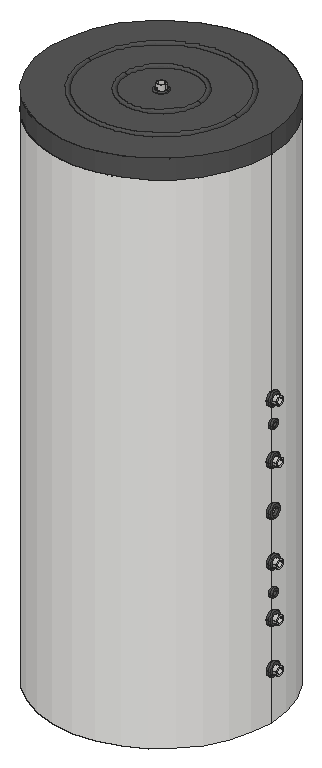
Revit family "S-tank_Solar_DUO_SS", category Оборудование, Revit 2019
Family settings
  Размер круглого соединителя = Использовать диаметр
  Классификация = Нет
  Тип детали = Нормальный
  На основе рабочей плоскости = Нет
  Всегда вертикально = Да
  При загрузке вырезать с полостями = Нет
  Общий = Нет
  Точка расчета площади = Нет
Parameters (values of type "SS Solarduo 1000")
  Разработка семейств = "https://rubim.tech/"
  Диаметрcизоляцией = 920 mm
  shrf = 17.5 mm
  rd [instance] = Диаметрcизоляцией / 2  # 460 mm
  a = Диаметрcизоляцией / 6  # 153.333 mm
  L = 1215 mm
  K = 1120 mm
  J = 1920 mm
  I = 985 mm
  H = 2205 mm
  E = 795 mm
  DN2 = 15 mm
  DN1 = 25 mm
  D = 605 mm
  C = 490 mm
  B = 395 mm
  ADSK_Примечание [instance] = ""
  ADSK_Позиция [instance] = ""
  ADSK_Обозначение = "SSSolarduo 1000"
  ADSK_Наименование краткое [instance] = "БКН"
  ADSK_Наименование = "Бойлер косвенного нагрева"
  ADSK_Масса_Текст [instance] = ""
  ADSK_Масса = 153
  ADSK_Марка = "SS Solar duo 1000"
  ADSK_Количество [instance] = 1  # constant formula
  ADSK_Код изделия = "2.1006"
  ADSK_Завод-изготовитель = "ООО “С-ТЭНК ВОТЕР ХИТЕРС”"
  ADSK_Единица измерения = "шт."  # constant formula
  ADSK_Группирование = "Оборудование"
  ADSK_URL документации изделия = "http://s-tank.ru/solar-duo-ss/"
  A = 205 mm
Types (9, lengths in mm): name | Диаметрcизоляцией | rd | a | L | K | J | I | H | E | D | C | B | ADSK_Обозначение | ADSK_Масса | ADSK_Марка | ADSK_Код изделия | A
  SS Solarduo 200 | 630 | 315 | 105 | 970 | 895 | 1030 | 740 | 1220 | 630 | 520 | 395 | 320 | "SSSolarduo 200" | 64 | "SS Solar duo 200" | "2.1002" | 210
  SS Solarduo 300 | 630 | 315 | 105 | 1170 | 1090 | 1030 | 860 | 1220 | 740 | 620 | 410 | 330 | "SSSolarduo 300" | 73 | "SS Solar duo 300" | "2.1003" | 210
  SS Solarduo 500 | 780 | 390 | 130 | 1075 | 995 | 1365 | 845 | 1605 | 715 | 585 | 415 | 335 | "SSSolarduo 500" | 97 | "SS Solar duo 500" | "2.1004" | 205
  SS Solarduo 750 | 920 | 460 | 153.333 | 1005 | 925 | 1585 | 775 | 1630 | 645 | 515 | 405 | 325 | "SSSolarduo 750" | 119 | "SS Solar duo 750" | "2.1005" | 195
  SS Solarduo 1000 | 920 | 460 | 153.333 | 1215 | 1120 | 1920 | 985 | 2205 | 795 | 605 | 490 | 395 | "SSSolarduo 1000" | 153 | "SS Solar duo 1000" | "2.1006" | 205
  SS Solarduo 1200 | 950 | 475 | 158.333 | 1235 | 1160 | 1655 | 965 | 2020 | 805 | 645 | 520 | 445 | "SSSolarduo 1200" | 195 | "SS Solar duo 1200" | "2.1007" | 285
  SS Solarduo 1500 | 950 | 475 | 158.333 | 1595 | 1500 | 2005 | 1125 | 2370 | 935 | 745 | 560 | 465 | "SSSolarduo 1500" | 225 | "SS Solar duo 1500" | "2.1008" | 275
  SS Solarduo 2000 | 1350 | 675 | 225 | 1580 | 1505 | 1740 | 1210 | 2100 | 1050 | 890 | 605 | 530 | "SSSolarduo 2000" | 270 | "SS Solar duo 2000" | "2.1009" | 370
  SS Solarduo 3000 | 1740 | 870 | 290 | 1623 | 1548 | 1773 | 1223 | 2210 | 1063 | 903 | 638 | 563 | "SSSolarduo 3000" | 0 | "SS Solar duo 3000" | "2.1010" | 403
Reference planes
  plane 1 "По центру (Вперед/Назад)": y = 0
  plane 2: z = 0
  plane 3 "По центру (Влево/Вправо)": x = 0
  plane 4: z = 205
  plane 5: z = 395
  plane 6: z = 490
  plane 7: z = 605
  plane 8: z = 2205
  plane 9: x = 460
  plane 10: x = -460
  plane 11: x = 153.333
  plane 12: x = 306.667
  plane 13: y = -460
  plane 14: y = 460
  plane 15: z = 795
  plane 16: z = 985
  plane 17: z = 1120
  plane 18: z = 1215
  plane 19: z = 1920
Forms (mm)
  Extrusion 1, solid, material "RB_Серая порошковая"
    sketch origin (0, 0, 0) x (1, 0, 0) y (0, 1, 0)
      loop
        circle (0, 0) r 460
    from 0 to 2125
  Extrusion 2, solid, material "RB_Черный пластик"
    sketch origin (0, 0, 0) x (1, 0, 0) y (0, 1, 0)
      loop
        circle (0, 0) r 460
    from 2125 to 2205
  Revolve 3, solid, material "RB_Черный пластик"
    sketch origin (0, 0, 0) x (1, 0, 0) y (0, 0, 1)
      loop
        line (145.833, 2205) -> (160.833, 2205)
        arc (160.833, 2205) -> (153.333, 2212.5) -> (145.833, 2205) r 7.5
      loop
        line (299.167, 2205) -> (314.167, 2205)
        arc (314.167, 2205) -> (306.667, 2212.5) -> (299.167, 2205) r 7.5
      axis (0, 2205) -> (0, 2206)
    angle from 0 to 360
  Extrusion 4, solid, material "Пластик синий", not visible
    sketch origin (-10, 0, 0) x (1, 0, 0) y (0, 0, 1)
      loop
        arc (-214.477, 2447.343) -> (-231.977, 2440.094) -> (-239.226, 2422.594) r 24.749
        line (-239.226, 2422.594) -> (-239.226, 2312.833)
        arc (-239.226, 2312.833) -> (-231.977, 2295.333) -> (-214.477, 2288.085) r 24.749
        line (-214.477, 2288.085) -> (236.536, 2288.085)
        arc (236.536, 2288.085) -> (254.036, 2295.333) -> (261.285, 2312.833) r 24.749
        line (261.285, 2312.833) -> (261.285, 2420.032)
        arc (261.285, 2420.032) -> (253.285, 2439.344) -> (233.974, 2447.343) r 27.311
        line (233.974, 2447.343) -> (-214.477, 2447.343)
      loop
        arc (-214.477, 2439.053) -> (-226.115, 2434.232) -> (-230.936, 2422.594) r 16.459
        line (-230.936, 2422.594) -> (-230.936, 2331.316) -> (252.994, 2331.316) -> (252.994, 2420.032)
        arc (252.994, 2420.032) -> (247.423, 2433.482) -> (233.974, 2439.053) r 19.021
        line (233.974, 2439.053) -> (-214.477, 2439.053)
      loop
        line (-115.968, 2397.309) -> (-115.968, 2379.809) -> (-65.968, 2379.809) -> (-65.968, 2397.309) -> (-115.968, 2397.309)
      loop
        line (-35.422, 2407.249) -> (-35.422, 2351.314) -> (-17.922, 2351.314) -> (-17.922, 2407.249) -> (3.349, 2407.249) -> (10.977, 2424.749) -> (-55.778, 2424.749) -> (-55.778, 2407.249) -> (-35.422, 2407.249)
      loop
        line (-4.413, 2351.314) -> (16.363, 2351.314) -> (21.205, 2358.883) -> (45.502, 2358.883) -> (45.502, 2351.314) -> (63.002, 2351.314) -> (63.002, 2377.816) -> (33.319, 2377.816) -> (45.396, 2396.692) -> (45.396, 2384.046) -> (62.896, 2384.046) -> (62.896, 2407.227)
        arc (62.896, 2407.227) -> (56.009, 2420.523) -> (41.176, 2422.567) r 16.277
        line (41.176, 2422.567) -> (-4.413, 2351.314)
      loop
        line (86.328, 2400.911) -> (116.793, 2357.872)
        arc (116.793, 2357.872) -> (128.592, 2352.604) -> (138.978, 2360.291) r 12.812
        line (138.978, 2360.291) -> (138.978, 2425.291) -> (121.478, 2425.291) -> (121.478, 2377.488) -> (92.799, 2417.763)
        arc (92.799, 2417.763) -> (79.669, 2423.404) -> (68.828, 2414.092) r 13.5
        line (68.828, 2414.092) -> (68.828, 2351.314) -> (86.328, 2351.314) -> (86.328, 2400.911)
      loop
        line (148.978, 2425.291) -> (148.978, 2351.314) -> (166.478, 2351.314) -> (166.478, 2387.9) -> (192.095, 2351.314) -> (210.407, 2351.314) -> (181.682, 2392.337) -> (202.618, 2425.291) -> (184.847, 2425.291) -> (166.478, 2396.377) -> (166.478, 2425.291) -> (148.978, 2425.291)
    from 759.938 to 875
  Extrusion 5, solid, material "Пластик красный", not visible
    sketch origin (-10, 0, 0) x (1, 0, 0) y (0, 0, 1)
      loop
        line (-183.191, 2407.249) -> (-125.538, 2407.249)
        arc (-125.538, 2407.249) -> (-123.959, 2408.615) -> (-124.451, 2410.643) r 2.004
        line (-124.451, 2410.643) -> (-138.593, 2424.749) -> (-178.435, 2424.749)
        arc (-178.435, 2424.749) -> (-183.852, 2416.825) -> (-183.191, 2407.249) r 14.627
      loop
        line (-178.104, 2401.129) -> (-146.323, 2368.814) -> (-182.715, 2368.814)
        arc (-182.715, 2368.814) -> (-184.77, 2366.956) -> (-184.098, 2364.267) r 2.693
        line (-184.098, 2364.267) -> (-171.109, 2351.314) -> (-128.051, 2351.314)
        arc (-128.051, 2351.314) -> (-118.918, 2357.483) -> (-121.231, 2368.259) r 9.845
        line (-121.231, 2368.259) -> (-153.559, 2401.129) -> (-178.104, 2401.129)
    from -875 to 875
Lines and regions (mm)
  reference lines
    curve 1: line (460, 0, 51.978) -> (460, 0, -48.022)
    curve 2: line (-460, 0, 51.978) -> (-460, 0, -88.022)
Dimensions and locks
  "H": plane 8 to plane 2
  "D": plane 7 to plane 2
  "C": plane 6 to plane 2
  "B": plane 5 to plane 2
  "A": plane 4 to plane 2
  "Диаметрcизоляцией": plane 9 to plane 10
  equal spacing: plane 9, plane 3 "По центру (Влево/Вправо)", plane 10
  "a": plane 11 to plane 3 "По центру (Влево/Вправо)"
  "a": plane 12 to plane 11
  equal spacing: Revolve 3 sketch curve, plane 11, Revolve 3 sketch curve
  equal spacing: Revolve 3 sketch curve, plane 12, Revolve 3 sketch curve
  Revolve 3 sketch curve to Revolve 3 sketch curve = 15 mm  (x2)
  "shrf": Extrusion 4 sketch curve to Extrusion 4 sketch curve  (x11)
  Extrusion 4 sketch curve to Extrusion 4 sketch curve = 15 mm  (x2)
  "shrf": Extrusion 5 sketch curve to Extrusion 5 sketch curve  (x3)
  equal spacing: plane 14, plane 1 "По центру (Вперед/Назад)", plane 13
  "Диаметрcизоляцией": plane 14 to plane 13
  locked: Extrusion 2 to plane 8 at 80
  "E": plane 15 to level
  "I": plane 16 to level
  "K": plane 17 to level
  "L": plane 18 to level
  "J": plane 19 to level
  "Диаметрcизоляцией": diameter of Extrusion 1 sketch curve
  "Диаметрcизоляцией": diameter of Extrusion 2 sketch curve
  aligned and locked: level to plane 2
  aligned and locked: Extrusion 4 sketch curve to Extrusion 4 sketch curve  (x3)
  aligned and locked: Extrusion 4 to Extrusion 5 sketch curve
  aligned and locked: Extrusion 5 sketch curve to Extrusion 4
  aligned and locked: nested 1 to plane 1 "По центру (Вперед/Назад)"
  aligned and locked: nested 2 to plane 4
  aligned and locked: nested 1 to plane 5
  aligned and locked: nested 4 to plane 6
  aligned and locked: nested 3 to plane 7
  aligned and locked: curve 1 to nested 3
  aligned and locked: curve 1 to nested 4
  aligned and locked: curve 1 to nested 1
  aligned and locked: curve 1 to nested 2
  aligned and locked: curve 1 to plane 9
  aligned and locked: nested 5 to plane 1 "По центру (Вперед/Назад)"
  aligned and locked: nested 5 to plane 8
  aligned and locked: Extrusion 2 to plane 8
  aligned and locked: Extrusion 1 to Extrusion 2
  aligned and locked: plane 15 to nested 6
  aligned and locked: plane 18 to nested 9
  aligned and locked: plane 17 to nested 8
  aligned and locked: plane 16 to nested 7
  aligned and locked: curve 1 to nested 6
  aligned and locked: curve 1 to nested 7
  aligned and locked: curve 1 to nested 8
  aligned and locked: curve 1 to nested 9
  aligned and locked: nested 10 to plane 19
  aligned and locked: curve 2 to nested 10
  aligned and locked: curve 2 to plane 10
  aligned and locked: curve 2 to nested 11
  aligned and locked: plane 4 to nested 11
Automatic sketch dimensions
  Extrusion 4 sketch curve to Extrusion 4 sketch curve = 0 mm  (x12)
  Extrusion 4 sketch curve to Extrusion 4 sketch curve = 8.29 mm
  Extrusion 4 sketch curve to Extrusion 4 sketch curve = 16.459 mm  (x3)
  Extrusion 4 sketch curve to Extrusion 4 sketch curve = 98.509 mm
  Extrusion 4 sketch curve to Extrusion 4 sketch curve = 50 mm
  Extrusion 4 sketch curve to Extrusion 4 sketch curve = 10.19 mm
  Extrusion 4 sketch curve to Extrusion 4 sketch curve = 20.356 mm
  Extrusion 4 sketch curve to Extrusion 4 sketch curve = 13.509 mm
  Extrusion 4 sketch curve to Extrusion 4 sketch curve = 4.843 mm
  Extrusion 4 sketch curve to Extrusion 4 sketch curve = 12.113 mm
  Extrusion 4 sketch curve to Extrusion 4 sketch curve = 30.199 mm
  Extrusion 4 sketch curve to Extrusion 4 sketch curve = 12.078 mm
  Extrusion 4 sketch curve to Extrusion 4 sketch curve = 12.183 mm
  Extrusion 4 sketch curve to Extrusion 4 sketch curve = 1.223 mm
  Extrusion 4 sketch curve to Extrusion 4 sketch curve = 5.932 mm
  Extrusion 4 sketch curve to Extrusion 4 sketch curve = 4.616 mm
  Extrusion 4 sketch curve to Extrusion 4 sketch curve = 11.087 mm
  Extrusion 4 sketch curve to Extrusion 4 sketch curve = 30.465 mm
  Extrusion 4 sketch curve to Extrusion 4 sketch curve = 4.684 mm
  Extrusion 4 sketch curve to Extrusion 4 sketch curve = 11.775 mm
  Extrusion 4 sketch curve to Extrusion 4 sketch curve = 10 mm
  Extrusion 4 sketch curve to Extrusion 4 sketch curve = 15.205 mm
  Extrusion 4 sketch curve to Extrusion 4 sketch curve = 18.369 mm
  Extrusion 4 sketch curve to Extrusion 4 sketch curve = 25.618 mm
  Extrusion 4 sketch curve to Extrusion 4 sketch curve = 17.771 mm
  Extrusion 4 sketch curve to Extrusion 4 sketch curve = 18.312 mm
  Extrusion 4 sketch curve to Extrusion 4 sketch curve = 31.356 mm
  Extrusion 4 sketch curve to Extrusion 4 sketch curve = 18.483 mm
  Extrusion 4 sketch curve to Extrusion 4 sketch curve = 38.481 mm
  Extrusion 4 sketch curve to Extrusion 4 sketch curve = 6.557 mm
  Extrusion 4 sketch curve to Extrusion 4 sketch curve = 8.977 mm
  Extrusion 4 sketch curve to Extrusion 4 sketch curve = 12.148 mm
  Extrusion 4 sketch curve to Extrusion 4 sketch curve = 28.495 mm
  Extrusion 4 sketch curve to Extrusion 4 sketch curve = 12.647 mm
  Extrusion 4 sketch curve to Extrusion 4 sketch curve = 6.316 mm
  Extrusion 4 sketch curve to Extrusion 4 sketch curve = 15.318 mm
  Extrusion 4 sketch curve to Extrusion 4 sketch curve = 9.148 mm
  Extrusion 4 sketch curve to Extrusion 4 sketch curve = 6.865 mm
  Extrusion 4 sketch curve to Extrusion 4 sketch curve = 5.259 mm
  Extrusion 4 sketch curve to Extrusion 4 sketch curve = 28.915 mm
  Extrusion 5 sketch curve to Extrusion 5 sketch curve = 0.908 mm
  Extrusion 5 sketch curve to Extrusion 5 sketch curve = 1.383 mm
  Extrusion 5 sketch curve to Extrusion 5 sketch curve = 1.904 mm
  Extrusion 5 sketch curve to Extrusion 5 sketch curve = 4.756 mm
  Extrusion 5 sketch curve to Extrusion 5 sketch curve = 5.086 mm
  Extrusion 5 sketch curve to Extrusion 5 sketch curve = 12.989 mm
  Extrusion 5 sketch curve to Extrusion 5 sketch curve = 8.698 mm
  Extrusion 5 sketch curve to Extrusion 5 sketch curve = 16.177 mm
  Extrusion 5 sketch curve to Extrusion 5 sketch curve = 24.787 mm
  Extrusion 5 sketch curve to Extrusion 5 sketch curve = 14.966 mm
  Extrusion 5 sketch curve to Extrusion 5 sketch curve = 18.272 mm
  Extrusion 5 sketch curve to Extrusion 5 sketch curve = 12.725 mm
  Extrusion 5 sketch curve to Extrusion 5 sketch curve = 0.33 mm
  Extrusion 5 sketch curve to Extrusion 5 sketch curve = 1.417 mm
  Extrusion 5 sketch curve to Extrusion 5 sketch curve = 6.82 mm
  Extrusion 5 sketch curve to Extrusion 5 sketch curve = 4.547 mm
  Extrusion 5 sketch curve to Extrusion 5 sketch curve = 1.977 mm
  Extrusion 4 sketch curve to Extrusion 4 sketch curve = 21.271 mm
  Extrusion 4 sketch curve to Extrusion 4 sketch curve = 7.628 mm
  Extrusion 4 sketch curve to Extrusion 4 sketch curve = 20.775 mm
  Extrusion 4 sketch curve to Extrusion 4 sketch curve = 26.129 mm
  Revolve 3 sketch curve to plane 3 "По центру (Влево/Вправо)" = 0 mm
  Revolve 3 sketch curve to plane 8 = 0 mm  (x2)
  Revolve 3 sketch curve to plane 8 = 100 mm
  Revolve 3 sketch curve to Revolve 3 sketch curve = 220 mm
  curve 2 to level = 88.022 mm
  curve 1 to level = 48.022 mm
  level to curve 2 = 51.978 mm
  level to curve 1 = 51.978 mm
  plane 1 "По центру (Вперед/Назад)" to Extrusion 1 sketch curve = 0 mm
  Extrusion 1 sketch curve to plane 3 "По центру (Влево/Вправо)" = 0 mm
  plane 1 "По центру (Вперед/Назад)" to Extrusion 2 sketch curve = 0 mm
  Extrusion 2 sketch curve to plane 3 "По центру (Влево/Вправо)" = 0 mm
Nested families
  nested 1: "патрубок" at (460, 0, 395) x (0, 1, 0) z (0, 0, 1), DN <- "DN1", type "патрубок"
    with ВР yes, L2 50 mm, L1 30 mm, Dv 35.5 mm, Dtv 29.5 mm, Dt 33.5 mm, Dn 56.8 mm, DN 25 mm
  nested 2: "патрубок" at (460, 0, 205) x (0, 1, 0) z (0, 0, 1), DN <- "DN1", type "патрубок"
    with ВР yes, L2 50 mm, L1 30 mm, Dv 35.5 mm, Dtv 29.5 mm, Dt 33.5 mm, Dn 56.8 mm, DN 25 mm
  nested 3: "патрубок" at (460, 0, 605) x (0, 1, 0) z (0, 0, 1), DN <- "DN1", type "патрубок"
    with ВР yes, L2 50 mm, L1 30 mm, Dv 35.5 mm, Dtv 29.5 mm, Dt 33.5 mm, Dn 56.8 mm, DN 25 mm
  nested 4: "патрубок" at (460, 0, 490) x (0, 1, 0) z (0, 0, 1), DN <- "DN2", type "патрубок"
    with ВР no, L2 15 mm, L1 30 mm, Dv 23.3 mm, Dtv 17.3 mm, Dt 21.3 mm, Dn 37.28 mm, DN 15 mm
  nested 5: "патрубок" at (0, 0, 2194.119) x (1, 0, 0) z (0, 1, 0), DN <- "DN1", type "патрубок"
    with ВР yes, L2 50 mm, L1 30 mm, Dv 35.5 mm, Dtv 29.5 mm, Dt 33.5 mm, Dn 56.8 mm, DN 25 mm
  nested 6: "патрубок" at (460, 0, 795) x (0, 1, 0) z (0, 0, 1), DN <- "DN1", type "патрубок"
    with ВР no, L2 15 mm, L1 30 mm, Dv 35.5 mm, Dtv 29.5 mm, Dt 33.5 mm, Dn 56.8 mm, DN 25 mm
  nested 7: "патрубок" at (460, 0, 985) x (0, 1, 0) z (0, 0, 1), DN <- "DN1", type "патрубок"
    with ВР yes, L2 50 mm, L1 30 mm, Dv 35.5 mm, Dtv 29.5 mm, Dt 33.5 mm, Dn 56.8 mm, DN 25 mm
  nested 8: "патрубок" at (460, 0, 1120) x (0, 1, 0) z (0, 0, 1), DN <- "DN2", type "патрубок"
    with ВР no, L2 15 mm, L1 30 mm, Dv 23.3 mm, Dtv 17.3 mm, Dt 21.3 mm, Dn 37.28 mm, DN 15 mm
  nested 9: "патрубок" at (460, 0, 1215) x (0, 1, 0) z (0, 0, 1), DN <- "DN1", type "патрубок"
    with ВР yes, L2 50 mm, L1 30 mm, Dv 35.5 mm, Dtv 29.5 mm, Dt 33.5 mm, Dn 56.8 mm, DN 25 mm
  nested 10: "патрубок" at (-460, 0, 1920) x (0, 1, 0) z (0, 0, 1), DN <- "DN2", type "патрубок"
    with ВР no, L2 15 mm, L1 30 mm, Dv 23.3 mm, Dtv 17.3 mm, Dt 21.3 mm, Dn 37.28 mm, DN 15 mm
  nested 11: "патрубок" at (-460, 0, 205) x (0, 1, 0) z (0, 0, 1), type "патрубок"
    with ВР no, L2 15 mm, L1 30 mm, Dv 62 mm, Dtv 56 mm, Dt 60 mm, Dn 99.2 mm, DN 50 mm
Connectors
  piping at (0, 0, 2229.119), diameter 25, driven by "DN1"
    settings: on nested 5, index 21, connector inside diameter 609.6 mm, connector length 0 mm, flow factor 0, pipe flow 0.0 L/s, pressure drop 0.0 Pa, fitting loss kfactor 0, connector angle 0.00°, fixture units 0, engagement length 0 mm, angle of deflection 0.00°, flow configuration 0, flow direction 2, fitting loss method 0, system type 7, joint type 0, gender type 0, connector reference index -1, connector utility 0, adjustable connector no, is connector primary yes, connector description ""
  piping at (495, 0, 205), diameter 25, driven by "DN1"
    settings: on nested 2, index 22, connector inside diameter 609.6 mm, connector length 0 mm, flow factor 0, pipe flow 0.0 L/s, pressure drop 0.0 Pa, fitting loss kfactor 0, connector angle 0.00°, fixture units 0, engagement length 0 mm, angle of deflection 0.00°, flow configuration 0, flow direction 1, fitting loss method 0, system type 20, joint type 0, gender type 0, connector reference index -1, connector utility 0, adjustable connector no, is connector primary no, connector description ""
  piping at (495, 0, 395), diameter 25, driven by "DN1"
    settings: on nested 1, index 23, connector inside diameter 609.6 mm, connector length 0 mm, flow factor 0, pipe flow 0.0 L/s, pressure drop 0.0 Pa, fitting loss kfactor 0, connector angle 0.00°, fixture units 0, engagement length 0 mm, angle of deflection 0.00°, flow configuration 0, flow direction 1, fitting loss method 0, system type 7, joint type 0, gender type 0, connector reference index -1, connector utility 0, adjustable connector no, is connector primary no, connector description ""
  piping at (460, 0, 490), diameter 15, driven by "DN2"
    settings: on nested 4, index 24, connector inside diameter 609.6 mm, connector length 0 mm, flow factor 0, pipe flow 0.0 L/s, pressure drop 0.0 Pa, fitting loss kfactor 0, connector angle 0.00°, fixture units 0, engagement length 0 mm, angle of deflection 0.00°, flow configuration 0, flow direction 0, fitting loss method 0, system type 29, joint type 0, gender type 0, connector reference index -1, connector utility 0, adjustable connector no, is connector primary no, connector description ""
  piping at (495, 0, 605), diameter 25, driven by "DN1"
    settings: on nested 3, index 25, connector inside diameter 609.6 mm, connector length 0 mm, flow factor 0, pipe flow 0.0 L/s, pressure drop 0.0 Pa, fitting loss kfactor 0, connector angle 0.00°, fixture units 0, engagement length 0 mm, angle of deflection 0.00°, flow configuration 0, flow direction 1, fitting loss method 0, system type 19, joint type 0, gender type 0, connector reference index -1, connector utility 0, adjustable connector no, is connector primary no, connector description ""
  piping at (460, 0, 795), diameter 25, driven by "DN1"
    settings: on nested 6, index 26, connector inside diameter 609.6 mm, connector length 0 mm, flow factor 0, pipe flow 0.0 L/s, pressure drop 0.0 Pa, fitting loss kfactor 0, connector angle 0.00°, fixture units 0, engagement length 0 mm, angle of deflection 0.00°, flow configuration 0, flow direction 2, fitting loss method 0, system type 8, joint type 0, gender type 0, connector reference index -1, connector utility 0, adjustable connector no, is connector primary no, connector description ""
  piping at (495, 0, 985), diameter 25, driven by "DN1"
    settings: on nested 7, index 27, connector inside diameter 609.6 mm, connector length 0 mm, flow factor 0, pipe flow 0.0 L/s, pressure drop 0.0 Pa, fitting loss kfactor 0, connector angle 0.00°, fixture units 0, engagement length 0 mm, angle of deflection 0.00°, flow configuration 0, flow direction 1, fitting loss method 0, system type 7, joint type 0, gender type 0, connector reference index -1, connector utility 0, adjustable connector no, is connector primary no, connector description ""
  piping at (460, 0, 1120), diameter 15, driven by "DN2"
    settings: on nested 8, index 28, connector inside diameter 609.6 mm, connector length 0 mm, flow factor 0, pipe flow 0.0 L/s, pressure drop 0.0 Pa, fitting loss kfactor 0, connector angle 0.00°, fixture units 0, engagement length 0 mm, angle of deflection 0.00°, flow configuration 0, flow direction 1, fitting loss method 0, system type 29, joint type 0, gender type 0, connector reference index -1, connector utility 0, adjustable connector no, is connector primary no, connector description ""
  piping at (495, 0, 1215), diameter 25, driven by "DN1"
    settings: on nested 9, index 29, connector inside diameter 609.6 mm, connector length 0 mm, flow factor 0, pipe flow 0.0 L/s, pressure drop 0.0 Pa, fitting loss kfactor 0, connector angle 0.00°, fixture units 0, engagement length 0 mm, angle of deflection 0.00°, flow configuration 0, flow direction 2, fitting loss method 0, system type 8, joint type 0, gender type 0, connector reference index -1, connector utility 0, adjustable connector no, is connector primary no, connector description ""
  piping at (-460, 0, 1920), diameter 15, driven by "DN2"
    settings: on nested 10, index 31, connector inside diameter 609.6 mm, connector length 0 mm, flow factor 0, pipe flow 0.0 L/s, pressure drop 0.0 Pa, fitting loss kfactor 0, connector angle 0.00°, fixture units 0, engagement length 0 mm, angle of deflection 0.00°, flow configuration 0, flow direction 0, fitting loss method 0, system type 29, joint type 0, gender type 0, connector reference index -1, connector utility 0, adjustable connector no, is connector primary no, connector description ""
Definition of nested family "патрубок"
  Parameters (values of type "патрубок")
    ВР [instance] = yes
    L2 [instance] = if(ВР, L1 + 20 mm, L1 - 15 mm)  # 50 mm
    L1 [instance] = 30 mm
    Dv [instance] = Dt + 2 mm  # 50 mm
    Dtv [instance] = Dt - 4 mm  # 44 mm
    Dt [instance] = if(DN = 15 mm, 21.3 mm, if(DN = 20 mm, 26.8 mm, if(DN = 25 mm, 33.5 mm, if(DN = 32 mm, 42.3 mm, if(DN = 40 mm, 48 mm, if(DN = 50 mm, 60 mm, 15 mm))))))  # 48 mm
    Dn [instance] = Dv * 1.6  # 80 mm
    DN [instance] = 40 mm
    2 = none
    1 = none
  Reference planes
    plane 1 "По центру (Вперед/Назад)": y = 0
    plane 2: z = 0
    plane 3 "По центру (Влево/Вправо)": x = 0
  Forms (mm)
    Extrusion 1, solid, material <- "1"
      sketch origin (0, 0, 0) x (1, 0, 0) y (0, 0, 1)
        loop
          circle (0, 0) r 40
        loop
          circle (0, 0) r 25
      from -15 to 15
    Extrusion 2, solid, material <- "2"
      sketch origin (0, 0, 0) x (1, 0, 0) y (0, 0, 1)
        loop
          circle (0, 0) r 24
        loop
          circle (0, 0) r 22
      from -15 to 35
    Sweep 3, void
      path in 3D
        loop
          arc (40, -15, 0) -> (0, -15, -40) -> (-40, -15, 0) r 40
          arc (-40, -15, 0) -> (0, -15, 40) -> (40, -15, 0) r 40
      profile origin (0, -15, 40) x (0, 0, 1) y (0, -1, 0)
        loop
          line (0, -4.119) -> (0, 0) -> (-4.119, 0) -> (0, -4.119)
  Cuts and joins
    Sweep 3 cuts Extrusion 1
  Lines and regions (mm)
    sketch lines
      curve 1: arc (-40, -15, 0) -> (0, -15, 40) -> (40, -15, 0) r 40
      curve 2: arc (40, -15, 0) -> (0, -15, -40) -> (-40, -15, 0) r 40
  Dimensions and locks
    "L1": Extrusion 1 to Extrusion 1
    equal spacing: Extrusion 1, plane 1 "По центру (Вперед/Назад)", Extrusion 1
    "L2": Extrusion 1 to Extrusion 2
    "Dn": diameter of Extrusion 1 sketch curve
    "Dv": diameter of Extrusion 1 sketch curve
    "Dt": diameter of Extrusion 2 sketch curve
    "Dtv": diameter of Extrusion 2 sketch curve
    locked: profile plane to Sweep 3 sketch curve (angle 45.00°)
    aligned and locked: level to plane 2
    aligned and locked: Extrusion 1 to Extrusion 2
    aligned and locked: Sweep 3 sketch curve to profile plane
    aligned and locked: profile plane to Sweep 3 sketch curve
  Automatic sketch dimensions
    profile plane to Sweep 3 sketch curve = 4.119 mm
    Extrusion 1 sketch curve to Extrusion 1 sketch curve = 0 mm  (x2)
    Extrusion 1 sketch curve to level = 0 mm
    Extrusion 1 sketch curve to plane 3 "По центру (Влево/Вправо)" = 0 mm
    Extrusion 2 sketch curve to Extrusion 2 sketch curve = 0 mm  (x2)
    Extrusion 2 sketch curve to level = 0 mm
    Extrusion 2 sketch curve to plane 3 "По центру (Влево/Вправо)" = 0 mm
